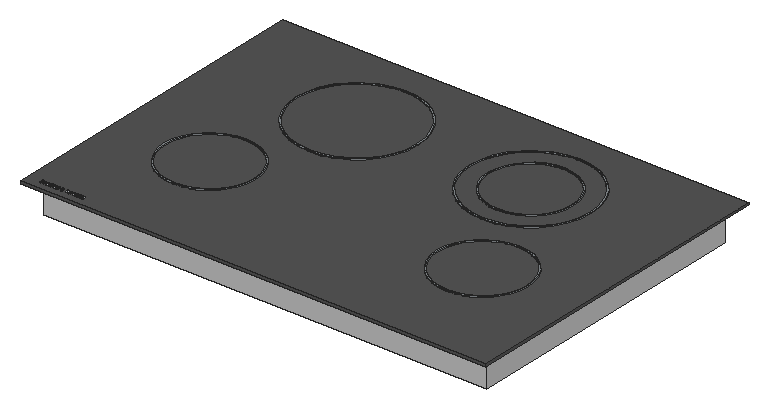
Revit family "FP_Revit_18_CE754DTB1_Cooktop_90000828A", category Specialty Equipment, Revit 2018
Family settings
  Round Connector Dimension = Use Diameter
  Part Type = Normal
  OmniClass Number = 23.40.40.14.17.11
  OmniClass Title = Cookers, Ovens, Stoves
  Work Plane-Based = No
  Always vertical = Yes
  Cut with Voids When Loaded = Yes
  Shared = No
  Room Calculation Point = No
Parameters
  Visibility - Clearance Required = yes
  URL = "www.fisherpaykel.com"
  Product - Width = 750 mm  # constant formula
  Product - Height = 63 mm  # constant formula
  Product - Depth = 530 mm  # constant formula
  Model = "CE754DTB1"
  Material - Graphics = Fisher & Paykel - Graphics Grey
  Material - Cooktop = Fisher & Paykel - Glass, Black
  Material - Body = Fisher & Paykel - Grey
  Manufacturer = "Fisher & Paykel Appliances"
  FFL Offset [instance] = 900 mm
  Description = "75cm Electric Cooktop"
  Connector Note - Electrical = "220-240/380-415 V, 2 Phase, 50 Hz, 32 A"
  Clearance - Side Combustible = 78 mm  # constant formula
  Clearance - Rear Combustible = 55 mm  # constant formula
  Clearance - Overhead Rangehood = 650 mm  # constant formula
  Clearance - Below Combustible = 68 mm  # constant formula
  Chassis - Width = 715 mm  # constant formula
  Chassis - Height = 48 mm  # constant formula
  Chassis - Depth = 480 mm  # constant formula
  Cavity - Width = 725 mm  # constant formula
  Cavity - Height = 58 mm  # constant formula
  Cavity - Depth = 490 mm  # constant formula
Reference planes
  plane 1 "Datum": y = 0
  plane 2: z = 0
  plane 3 "Center (Left/Right)": x = 0
  plane 4 "Product LHS": x = -375
  plane 5 "Product RHS": x = 375
  plane 6 "Product - Depth": y = 530
  plane 7 "Cavity LHS": x = -362.5
  plane 8 "Cavity RHS": x = 362.5
  plane 9 "Chassis - Front": y = 25
  plane 10 "Cavity - Front": y = 20
  plane 11 "Cavity - Depth": y = 510
  plane 12 "Chassis - Depth": y = 505
  plane 13 "Basepan": z = 852
  plane 14 "Benchtop": z = 900
  plane 15 "Glass": z = 905
Forms (mm)
  Extrusion 1, solid, material "Fisher & Paykel - Glass, Black" <- "Material - Cooktop"
    sketch origin (0, 0, 0) x (0, 1, 0) y (0, 0, 1)
      loop
        line (0, 905) -> (0, 901) -> (530, 901) -> (530, 905) -> (0, 905)
    from -375 to 375
  Extrusion 2, solid, material "Fisher & Paykel - Clearance Required (Cutout)", visible <- "Visibility - Clearance Required", detail levels coarse
    sketch origin (0, 0, 0) x (1, 0, 0) y (0, 1, 0)
      loop
        line (-362.5, 510) -> (-362.5, 22.5) -> (362.5, 22.5) -> (362.5, 510) -> (-362.5, 510)
    from 842 to 900
  Extrusion 3, solid, material "Fisher & Paykel - Clearance Required (Non-Combustible)", visible <- "Visibility - Clearance Required", detail levels coarse
    sketch origin (0, 26.613, 0) x (1, 0, 0) y (0, 1, 0)
      loop
        line (-375, -26.613) -> (375, -26.613) -> (375, 538.387) -> (-375, 538.387) -> (-375, -26.613)
    from 905 to 1555
  Extrusion 4, solid, material "Fisher & Paykel - Grey" <- "Material - Body"
    sketch origin (0, 0, 0) x (0, 1, 0) y (0, 0, 1)
      loop
        line (25, 852) -> (505, 852) -> (505, 900) -> (25, 900) -> (25, 852)
    from -357.5 to 357.5
  Extrusion 5, solid, material "Fisher & Paykel - Grey" <- "Material - Body"
    sketch origin (0, 0, 0) x (1, 0, 0) y (0, 1, 0)
      loop
        line (-365.5, 524.5) -> (-365.5, 5.5) -> (365.5, 5.5) -> (365.5, 524.5) -> (-365.5, 524.5)
    from 900 to 901
  Extrusion 6, solid, material "Fisher & Paykel - Graphics Grey" <- "Material - Graphics", detail levels fine
    sketch origin (0, 0, 0) x (1, 0, 0) y (0, 1, 0)
      loop
        circle (-220, 188.052) r 71.497
      loop
        circle (-220, 188.052) r 73.279
      loop
        circle (-139.915, 385.033) r 96.508
      loop
        circle (-139.915, 385.033) r 98.272
      loop
        circle (139.869, 385.088) r 98.254
      loop
        circle (139.869, 385.088) r 96.496
      loop
        circle (139.869, 385.088) r 66.699
      loop
        circle (139.869, 385.088) r 68.176
      loop
        circle (219.908, 188.048) r 71.501
      loop
        circle (219.908, 188.048) r 73.194
    from 905 to 906
  Extrusion 7, solid, material "Fisher & Paykel - Grey" <- "Material - Body"
    sketch origin (0, 0, 0) x (1, 0, 0) y (0, 1, 0)
      loop
        line (106.357, 424.378) -> (176.357, 424.378) -> (176.357, 474.378) -> (106.357, 474.378) -> (106.357, 424.378)
    from 842 to 852
  Extrusion 8, void
    sketch origin (0, 0, 900) x (0, 1, 0) y (0, 0, 1)
      loop
        circle (449.378, -53) r 4
    from 106.357 to 120
  Extrusion 9, solid, material "Fisher & Paykel - Clearance Required (Combustible)", visible <- "Visibility - Clearance Required", detail levels coarse
    sketch origin (0, 0, 0) x (1, 0, 0) y (0, 1, 0)
      loop
        line (-375, 0) -> (-375, 530) -> (375, 530) -> (375, 0) -> (453, 0) -> (453, 585) -> (-453, 585) -> (-453, 0) -> (-375, 0)
    from 905 to 1355
  Extrusion 10, void
    sketch origin (0, 0, 0) x (1, 0, 0) y (0, 1, 0)
      loop
        line (-362.5, 510) -> (-362.5, 22.5) -> (362.5, 22.5) -> (362.5, 510) -> (-362.5, 510)
    from 832 to 900
  Extrusion 11, solid, material "Fisher & Paykel - Clearance Required (Cutout)", visible <- "Visibility - Clearance Required", detail levels coarse
    sketch origin (0, 0, 0) x (1, 0, 0) y (0, 1, 0)
      loop
        line (-362.5, 510) -> (-362.5, 22.5) -> (362.5, 22.5) -> (362.5, 510) -> (-362.5, 510)
    from 832 to 842
Cuts and joins
  Extrusion 8 cuts Extrusion 2
  Extrusion 8 cuts Extrusion 7
Text (mm)
  text "Due to ongoing product development, product details are subject to change without notice. \nPlease always refer to www.fisherpaykel.com for the most current product information. \n© Fisher & Paykel 2020" at (41.04, -387.478, 0), in view "Ref. Level (Plan)"
Dimensions and locks
  equal spacing: plane 4 "Product LHS", plane 3 "Center (Left/Right)", plane 5 "Product RHS"
  equal spacing: plane 7 "Cavity LHS", plane 3 "Center (Left/Right)", plane 8 "Cavity RHS"
  "Product - Depth": Extrusion 1 to plane 1 "Datum"
  equal spacing: Extrusion 4, plane 3 "Center (Left/Right)", Extrusion 4
  equal spacing: Extrusion 5 sketch curve, plane 3 "Center (Left/Right)", Extrusion 5 sketch curve
  plane 4 "Product LHS" to Extrusion 5 sketch curve = 9.5 mm
  "Product - Width": plane 4 "Product LHS" to plane 5 "Product RHS"
  "Cavity - Width": plane 7 "Cavity LHS" to plane 8 "Cavity RHS"
  "Chassis - Width": Extrusion 4 to Extrusion 4
  "Cavity - Depth": plane 11 "Cavity - Depth" to plane 10 "Cavity - Front"
  "Chassis - Depth": plane 12 "Chassis - Depth" to plane 9 "Chassis - Front"
  plane 1 "Datum" to Extrusion 4 = 25 mm
  plane 6 "Product - Depth" to plane 12 "Chassis - Depth" = 25 mm
  plane 10 "Cavity - Front" to plane 9 "Chassis - Front" = 5 mm
  plane 11 "Cavity - Depth" to plane 12 "Chassis - Depth" = 5 mm
  "Clearance - Rear Combustible": Extrusion 3 to plane 11 "Cavity - Depth"
  plane 15 "Glass" to plane 14 "Benchtop" = 5 mm
  "Chassis - Height": plane 14 "Benchtop" to plane 13 "Basepan"
  "Clearance - Overhead Rangehood": Extrusion 3 to plane 15 "Glass"
  "Cavity - Height": plane 14 "Benchtop" to cut or joined group of Extrusion 2, Extrusion 8
  "FFL Offset": plane 14 "Benchtop" to level
  locked: plane 13 "Basepan" to cut or joined group of Extrusion 7, Extrusion 8 at 10
  locked: plane 15 "Glass" to Extrusion 1 sketch curve at 4
  locked: Extrusion 6 to plane 15 "Glass" at 1
  locked: nested 1 to plane 15 "Glass" at 0.8
  locked: plane 14 "Benchtop" to Extrusion 8 sketch curve at 53
  "Clearance - Side Combustible": Extrusion 9 sketch curve to plane 4 "Product LHS"
  "Clearance - Side Combustible": plane 5 "Product RHS" to Extrusion 9 sketch curve
  "Clearance - Rear Combustible": plane 6 "Product - Depth" to Extrusion 9 sketch curve
  locked: Extrusion 9 to plane 15 "Glass" at 450
  "Clearance - Below Combustible": plane 14 "Benchtop" to Extrusion 11
  aligned and locked: level to plane 2
  aligned and locked: Extrusion 1 to plane 5 "Product RHS"
  aligned and locked: plane 4 "Product LHS" to Extrusion 1
  aligned and locked: plane 11 "Cavity - Depth" to Extrusion 2
  aligned and locked: plane 1 "Datum" to Extrusion 3
  aligned and locked: Extrusion 3 to plane 15 "Glass"
  aligned and locked: plane 14 "Benchtop" to Extrusion 2
  aligned and locked: plane 14 "Benchtop" to Extrusion 4 sketch curve
  aligned and locked: Extrusion 4 sketch curve to plane 13 "Basepan"
  aligned and locked: Extrusion 1 sketch curve to plane 15 "Glass"
  aligned and locked: Extrusion 5 to Extrusion 4
  aligned and locked: Extrusion 5 to Extrusion 1
  aligned and locked: Extrusion 6 to Extrusion 1
  aligned and locked: Extrusion 7 to Extrusion 4
  aligned and locked: Extrusion 9 to Extrusion 1
  aligned and locked: Extrusion 10 to Extrusion 4
  aligned and locked: Extrusion 11 to cut or joined group of Extrusion 2, Extrusion 8
  aligned and locked: Extrusion 10 to Extrusion 11
Automatic sketch dimensions
  Extrusion 1 sketch curve to plane 1 "Datum" = 0 mm
  Extrusion 1 sketch curve to plane 6 "Product - Depth" = 0 mm
  Extrusion 2 sketch curve to plane 11 "Cavity - Depth" = 0 mm
  plane 7 "Cavity LHS" to Extrusion 2 sketch curve = 0 mm
  Extrusion 2 sketch curve to plane 8 "Cavity RHS" = 0 mm
  plane 9 "Chassis - Front" to Extrusion 2 sketch curve = 2.5 mm
  Extrusion 3 sketch curve to plane 4 "Product LHS" = 0 mm
  Extrusion 3 sketch curve to plane 5 "Product RHS" = 0 mm
  plane 1 "Datum" to Extrusion 3 sketch curve = 0 mm
  plane 6 "Product - Depth" to Extrusion 3 sketch curve = 35 mm
  Extrusion 4 sketch curve to plane 9 "Chassis - Front" = 0 mm
  Extrusion 4 sketch curve to plane 12 "Chassis - Depth" = 0 mm
  Extrusion 5 sketch curve to plane 1 "Datum" = 5.5 mm
  Extrusion 5 sketch curve to plane 6 "Product - Depth" = 5.5 mm
  Extrusion 6 sketch curve to Extrusion 6 sketch curve = 0 mm  (x18)
  Extrusion 6 sketch curve to plane 7 "Cavity LHS" = 142.5 mm
  Extrusion 6 sketch curve to plane 3 "Center (Left/Right)" = 139.915 mm
  plane 3 "Center (Left/Right)" to Extrusion 6 sketch curve = 139.869 mm
  plane 8 "Cavity RHS" to Extrusion 6 sketch curve = 142.592 mm
  Extrusion 6 sketch curve to plane 9 "Chassis - Front" = 163.048 mm
  Extrusion 6 sketch curve to plane 9 "Chassis - Front" = 163.052 mm
  Extrusion 6 sketch curve to plane 12 "Chassis - Depth" = 119.967 mm
  Extrusion 6 sketch curve to plane 12 "Chassis - Depth" = 119.912 mm
  Extrusion 7 sketch curve to plane 12 "Chassis - Depth" = 30.622 mm
  plane 3 "Center (Left/Right)" to Extrusion 7 sketch curve = 106.357 mm
  Extrusion 7 sketch curve to Extrusion 7 sketch curve = 70 mm
  Extrusion 7 sketch curve to Extrusion 7 sketch curve = 50 mm
  Extrusion 8 sketch curve to plane 12 "Chassis - Depth" = 55.622 mm
  plane 1 "Datum" to Extrusion 9 sketch curve = 0 mm  (x2)
  Extrusion 9 sketch curve to plane 4 "Product LHS" = 0 mm
  Extrusion 9 sketch curve to plane 5 "Product RHS" = 0 mm
  Extrusion 9 sketch curve to plane 6 "Product - Depth" = 0 mm
  Extrusion 10 sketch curve to plane 11 "Cavity - Depth" = 0 mm
  plane 7 "Cavity LHS" to Extrusion 10 sketch curve = 0 mm
  Extrusion 10 sketch curve to plane 8 "Cavity RHS" = 0 mm
  plane 9 "Chassis - Front" to Extrusion 10 sketch curve = 2.5 mm
  Extrusion 11 sketch curve to plane 11 "Cavity - Depth" = 0 mm
  plane 7 "Cavity LHS" to Extrusion 11 sketch curve = 0 mm
  Extrusion 11 sketch curve to plane 8 "Cavity RHS" = 0 mm
  plane 9 "Chassis - Front" to Extrusion 11 sketch curve = 2.5 mm
  radius of Extrusion 6 sketch curve = 71.497 mm
  radius of Extrusion 6 sketch curve = 73.279 mm
  radius of Extrusion 6 sketch curve = 96.508 mm
  radius of Extrusion 6 sketch curve = 98.272 mm
  radius of Extrusion 6 sketch curve = 98.254 mm
  radius of Extrusion 6 sketch curve = 96.496 mm
  radius of Extrusion 6 sketch curve = 66.699 mm
  radius of Extrusion 6 sketch curve = 68.176 mm
  radius of Extrusion 6 sketch curve = 71.501 mm
  radius of Extrusion 6 sketch curve = 73.194 mm
  radius of Extrusion 8 sketch curve = 4 mm
Nested families
  nested 1: "F&P Logo 70mm Horizontal" at (-319.001, 14.253, 905), type "F&P Logo 70mm Horizontal"
Connectors
  electrical at (106.357, 449.378, 847), driven by "Connector Note - Electrical"
    settings: on cut or joined group of Extrusion 2, Extrusion 8, index 1, voltage 230 V, apparent load 0 VA, apparent load phase1 0 VA, apparent load phase2 0 VA, apparent load phase3 0 VA, power factor 1, load classification "Other", number of poles 1, system type 30, power factor state 1, is connector primary yes, connector utility no, sub classification motor no, connector description "220-240/380-415 V, 2 Phase, 50 Hz, 32 A"
Definition of nested family "F&P Logo 70mm Horizontal"
  Parameters (values of type "F&P Logo 70mm Horizontal")
    URL = "www.fisherpaykel.com"
    Material - Logo = none
    Manufacturer = "Fisher & Paykel Appliances"
  Reference planes
    plane 1 "Center (Front/Back)": y = 0
    plane 2: z = 0
    plane 3 "Center (Left/Right)": x = 0
  Forms (mm)
    Extrusion 1, solid, material <- "Material - Logo", detail levels fine
      sketch origin (0, 0, 0) x (1, 0, 0) y (0, 1, 0)
        loop
          line (-34.997, -0.356) -> (-33.895, -0.356) -> (-33.895, 1.141) -> (-32.174, 1.141) -> (-32.174, 2.075) -> (-33.895, 2.075) -> (-33.895, 2.943) -> (-32.023, 2.943) -> (-32.023, 3.872) -> (-34.997, 3.872) -> (-34.997, -0.356)
        loop
          line (-29.929, 3.872) -> (-29.929, -0.356) -> (-28.828, -0.356) -> (-28.828, 3.872) -> (-29.929, 3.872)
        loop
          line (-21.473, 3.872) -> (-21.473, -0.356) -> (-20.372, -0.356) -> (-20.372, 1.338) -> (-18.754, 1.338) -> (-18.754, -0.356) -> (-17.652, -0.356) -> (-17.652, 3.872) -> (-18.754, 3.872) -> (-18.754, 2.268) -> (-20.372, 2.268) -> (-20.372, 3.872) -> (-21.473, 3.872)
        loop
          line (-15.301, 3.872) -> (-15.301, -0.356) -> (-12.288, -0.356) -> (-12.288, 0.444) -> (-14.209, 0.444) -> (-14.209, 1.338) -> (-12.453, 1.338) -> (-12.453, 2.268) -> (-14.209, 2.268) -> (-14.209, 3.072) -> (-12.288, 3.072) -> (-12.288, 3.872) -> (-15.301, 3.872)
        loop
          line (32, 3.872) -> (32, -0.356) -> (35.003, -0.356) -> (35.003, 0.574) -> (33.102, 0.574) -> (33.102, 3.872) -> (32, 3.872)
        loop
          line (29.735, 3.872) -> (26.712, 3.872) -> (26.712, -0.356) -> (29.735, -0.356) -> (29.735, 0.444) -> (27.814, 0.444) -> (27.814, 1.338) -> (29.57, 1.338) -> (29.57, 2.268) -> (27.814, 2.268) -> (27.814, 3.072) -> (29.735, 3.072) -> (29.735, 3.872)
        loop
          line (23.449, 1.848) -> (25.012, 3.872) -> (23.724, 3.872) -> (22.374, 2.124) -> (22.374, 3.872) -> (21.273, 3.872) -> (21.273, -0.356) -> (22.374, -0.356) -> (22.374, 1.538) -> (23.765, -0.356) -> (25.067, -0.356) -> (23.449, 1.848)
        loop
          line (15.42, 3.872) -> (17.017, 1.338) -> (17.017, -0.356) -> (18.119, -0.356) -> (18.119, 1.283) -> (19.717, 3.872) -> (18.546, 3.872) -> (17.603, 2.239) -> (16.66, 3.872) -> (15.42, 3.872)
        loop
          line (12.969, 3.872) -> (11.922, 3.872) -> (10.2, -0.356) -> (11.282, -0.356) -> (11.585, 0.422) -> (13.278, 0.422) -> (13.581, -0.356) -> (14.69, -0.356) -> (12.969, 3.872)
        loop
          line (12.913, 1.352) -> (12.419, 2.566) -> (11.946, 1.352) -> (12.913, 1.352)
        loop
          line (5.556, 3.872) -> (5.556, -0.356) -> (6.653, -0.356) -> (6.653, 1.001) -> (7.453, 1.001)
          spline (7.453, 1.001) -> (7.884, 1.05) -> (8.285, 1.193) -> (8.63, 1.421) -> (8.895, 1.719) -> (9.061, 2.065) -> (9.118, 2.436) -> (9.061, 2.808) -> (8.895, 3.154) -> (8.63, 3.452) -> (8.285, 3.68) -> (7.884, 3.823) -> (7.453, 3.872)
          line (7.453, 3.872) -> (5.556, 3.872)
        loop
          spline (7.385, 1.882) -> (7.558, 1.9) -> (7.72, 1.953) -> (7.858, 2.037) -> (7.965, 2.147) -> (8.032, 2.275) -> (8.055, 2.412) -> (8.032, 2.55) -> (7.965, 2.677) -> (7.858, 2.787) -> (7.72, 2.872) -> (7.558, 2.924) -> (7.385, 2.943)
          line (7.385, 2.943) -> (6.585, 2.943) -> (6.585, 1.882) -> (7.385, 1.882)
        loop
          line (-8.294, 2.943) -> (-9.094, 2.943) -> (-9.094, 1.781) -> (-8.294, 1.781)
          spline (-8.294, 1.781) -> (-8.121, 1.801) -> (-7.96, 1.859) -> (-7.822, 1.951) -> (-7.716, 2.072) -> (-7.649, 2.212) -> (-7.626, 2.362) -> (-7.649, 2.512) -> (-7.716, 2.652) -> (-7.822, 2.772) -> (-7.96, 2.865) -> (-8.121, 2.923) -> (-8.294, 2.943)
        loop
          line (-8.214, 3.872) -> (-10.262, 3.872) -> (-10.262, -0.356) -> (-9.094, -0.356) -> (-9.094, 0.492) -> (-8.294, 0.492) -> (-7.647, -0.356) -> (-6.373, -0.356) -> (-7.445, 1.016)
          spline (-7.445, 1.016) -> (-7.148, 1.205) -> (-6.902, 1.45) -> (-6.72, 1.739) -> (-6.611, 2.058) -> (-6.58, 2.391) -> (-6.628, 2.723) -> (-6.754, 3.037) -> (-6.95, 3.317) -> (-7.208, 3.551) -> (-7.515, 3.726) -> (-7.856, 3.835) -> (-8.214, 3.872)
        loop
          line (0.368, 2.943) -> (0.368, 3.951) -> (-2.559, 3.951) -> (-2.559, 3.151) -> (-2.048, 2.522)
          spline (-2.048, 2.522) -> (-2.373, 2.187) -> (-2.606, 1.789) -> (-2.731, 1.355) -> (-2.74, 0.914) -> (-2.632, 0.497) -> (-2.414, 0.133) -> (-2.102, -0.155) -> (-1.716, -0.347) -> (-1.283, -0.429) -> (-0.832, -0.395) -> (-0.395, -0.249) -> (0, 0)
          line (0, 0) -> (0.504, -0.621) -> (1.644, -0.621) -> (0.602, 0.712) -> (1.591, 2.137) -> (0.459, 2.137) -> (0.003, 1.48) -> (-1.14, 2.943) -> (0.368, 2.943)
        loop
          spline (-1.353, 1.874) -> (-1.563, 1.673) -> (-1.729, 1.449) -> (-1.839, 1.217) -> (-1.886, 0.992) -> (-1.867, 0.792) -> (-1.783, 0.627) -> (-1.639, 0.511) -> (-1.447, 0.451) -> (-1.218, 0.451) -> (-0.968, 0.512) -> (-0.714, 0.628) -> (-0.475, 0.792)
          line (-0.475, 0.792) -> (-1.353, 1.874)
        loop
          arc (-25.449, 3.004) -> (-24.591, 2.949) -> (-23.808, 2.592) r 2.379
          line (-23.808, 2.592) -> (-23.808, 3.586)
          arc (-23.808, 3.586) -> (-24.619, 3.915) -> (-25.494, 3.936) r 2.437
          arc (-25.494, 3.936) -> (-26.617, 2.99) -> (-26.18, 1.588) r 1.327
          arc (-26.18, 1.588) -> (-25.746, 1.367) -> (-25.276, 1.236) r 2.46
          spline (-25.276, 1.236) -> (-25.124, 1.211) -> (-24.98, 1.158) -> (-24.856, 1.083) -> (-24.761, 0.989) -> (-24.703, 0.886) -> (-24.686, 0.78) -> (-24.713, 0.681) -> (-24.78, 0.596) -> (-24.882, 0.532) -> (-25.011, 0.494) -> (-25.158, 0.485) -> (-25.311, 0.505)
          arc (-25.311, 0.505) -> (-26.045, 0.647) -> (-26.714, 0.98) r 2.761
          line (-26.714, 0.98) -> (-26.714, -0.067)
          arc (-26.714, -0.067) -> (-25.66, -0.377) -> (-24.564, -0.318) r 3.237
          arc (-24.564, -0.318) -> (-23.597, 0.72) -> (-24.205, 2.002) r 1.263
          arc (-24.205, 2.002) -> (-24.834, 2.249) -> (-25.488, 2.42) r 5.78
          spline (-25.488, 2.42) -> (-25.537, 2.449) -> (-25.58, 2.49) -> (-25.615, 2.541) -> (-25.639, 2.6) -> (-25.653, 2.664) -> (-25.654, 2.73) -> (-25.644, 2.795) -> (-25.622, 2.856) -> (-25.59, 2.909) -> (-25.549, 2.953) -> (-25.502, 2.985) -> (-25.449, 3.004)
      from 0 to 0.8
  Dimensions and locks
    Extrusion 1 sketch curve to Extrusion 1 sketch curve = 70 mm
    aligned and locked: level to plane 2
